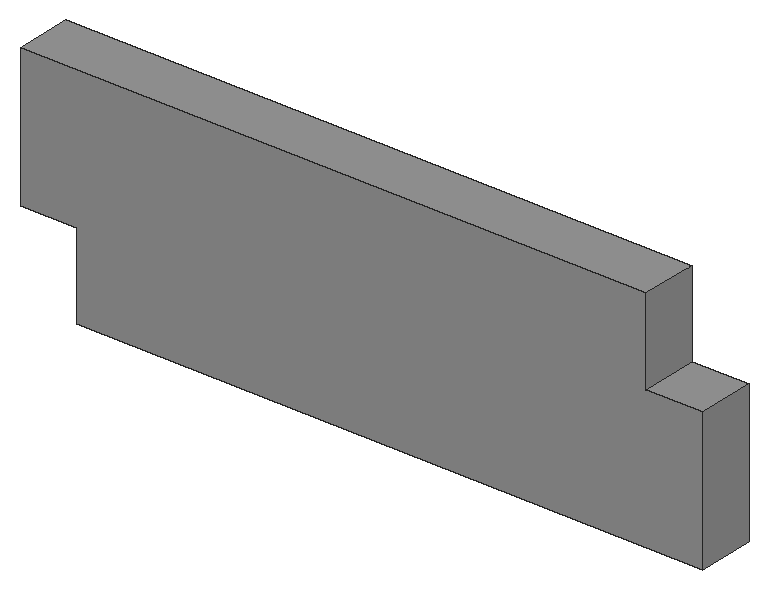
Revit family "1. Sálvora_StraightP_EN", category Modelos genéricos, Revit 2017
Family settings
  Anfitrión = Muro
  Puede alojar armadura = No
  Cota de conector redondo = Diámetro de uso
  Tipo de pieza = Normal
  Siempre vertical = Sí
  Corte con vacíos al cargar = No
  Compartido = No
  Punto de cálculo de habitación = No
Parameters (values of type "Stonepanel® Sálvora")
  Stonepanel advantages = "More Efficient: Simple and quick installation: 10 times faster than traditional masonry (placing rate average 20m2/day). More profitable: virtually non-existent product waste. Natural Stone products are more durable than other cladding materials. Stonepanel™ installation requires no skilled labour or machinery.\r\nSafer: The incorporated mechanical anchor of Stonepanel™, made of stainless steel, enables the installation of natural stone panel on surfaces higher than two meters. Strong and uniform cement base ensures adherence and allows piece cutting without risk of detachment.\r\nHigh Quality: Manufacturing processes are continually monitored by the R&D Department of CUPAGROUP. A great selection of natural stone is done by the experts of CUPASTONE. Special pieces are available, such as corners (solid, straight end, double end or for windows), coverings and other complementary solutions.\r\nMore Aesthetic: ‘S’-shaped panels to avoid visible joints, in order to enhance the external look of any projet. A wide range of natural stone panels with different colours and finishes is available. Beauty and exclusiveness of the natural stone: each piece is unique."
  Uses Indicated = "Decorative cladding system suitable for indoor and outdoor use on new or existing buildings when attached to solid walls of masonry or concrete.\r\nStonepanel Sky can be installed at any height. Stonepanel can be installed at heights up to 2 metres."
  URL = "http://www.cupastone.com/cupa/productos/panel-de-piedra/?n=stonepanel-orient-oro"
  Fire resistance = "Non-combustible"
  Durability = "The system has a design life in excess of 30 years."
  Delivery form = "Panels are packed in plastic in pairs or in cardboard boxes of three or four pieces"
  Construction details = "Details of:\r\n- Installation with a metal profile\r\n- Installation of Stonepanel\r\n- Installation on interior wall\r\n- Installation of the safety element (perforated band, screws and wall plugs)\r\n- Incoming corner\r\n- Protruding corner\r\n- Prefabricated protruding corner\r\n- Protruding corner with sawn panels\r\n- Protruding corner without Stonepanel continuity (lateral façade)\r\n- Upper edges\r\n- Avobe parapet\r\n- Frame of vain"
  Resistance = "High resistance"
  Weight = "9,5 kg"
  Oxidation = "No oxidation"
  Other relevant info = "All panels installed above 2 m from the ground must be fixed with both mortar adhesive and mechanical fixings"
  Modelo = "Stonepanel® Sálvora"
  Material = "Brown reddish combined with darker and lighter tones, an original combination for contemporary homes."
  Cleaning = "Generally the panels do not require maintenance and are self-cleaning but removal of some types of mark may require specialist treatment\r\nFor abnormal soiling, the surface may be cleaned using a hot water/household detergent mixture, applied\r\nwith a suitable cleaning pad or sponge."
  Large = 600 mm
  Imagen de tipo = <Ninguno>
  Format = "600 x 200"
  Form = "“S”-shaped"
  Fabricante = "Cupastone"
  Anchor system = "Perforated steel banding:\r\n- Stainless steel grade AISI 316 (1.4401) or AISI 304 (1.4301) with a minimum thickness of 0.7 mm and width of 12 mm to 15 mm, with holes 6±1 mm in diameter.\r\n- Stainless steel grade AISI 304 (1.4301) with a minimum thickness of 0.8 mm and width of 10±1 mm, with holes 5±1 mm in diameter.\r\n- The steel banding has five holes on each of the two wings, which are aligned in order to fix a screw through both holes into the wall.\r\n\r\nStainless steel screws and wall plugs:\r\nThe pull-out value of the fixings for securing Stonepanel Sky panels to the wall should be determined on site using the characteristic pull-out resistance divided by a minimum safety factor of 3."
  Tests performed by Avis Technique = "Avis Technique\r\nMechanical strenth of the anchor\r\nResistance of the mechanical fixing\r\nTesting of durability after water\r\nDurability after freeze\r\nSeismic test\r\nFire test"
  Height offset = 0 mm
  Descripción = "Panel made of natural stones bonded to a cement base reinforced with glassfibre mesh\r\n Each panel incorporates an embedded mechanical anchor used for additional fixing system, for heights above 2 metres from the ground"
  Apparent Density = "86,5 kg/m2"
  Secondary colour = "Grey"
  Principal colour = "Brown"
  Certifications = "Avis Technique - France - In process"
  Aspect = "Rustic"
  Width = 50 mm
  Height = 200 mm
  Finish = "Natural"
  Absorption = "Low absorption"
Reference planes
  plane 1 "Muro": y = 0
  plane 2 "Centro (Izquierda/Derecha)": x = 125
  plane 3 "Posterior": y = 75
Forms (mm)
  Extrusion 1, solid, material "Stonepanel® SKY Orient Gold"
    sketch origin (0, 160, 1120) x (1, 0, 0) y (0, 0, 1)
      loop
        line (125, -1120) -> (125, -996) -> (75, -996) -> (75, -920) -> (-475, -920) -> (-475, -1044) -> (-425, -1044) -> (-425, -1120) -> (125, -1120)
    from 35 to 85
Text (mm)
  text "Cara de colocación" at (-1848.837, 1116.779, 0), in view "Nivel de referencia"
  text "Cara de colocación" at (0, 1409.804, 2854.306), in view "Izquierda"
  text "Cara de colocación" at (0, 499.811, 2980.732), in view "Derecha"
Dimensions and locks
  locked: plane 3 "Posterior" to host wall
  locked: Extrusion 1 to plane 3 "Posterior" at 0
  "Width": Extrusion 1 to Extrusion 1
  "Large": Extrusion 1 to Extrusion 1
  locked: Extrusion 1 to Extrusion 1 at 76  (x2)
  "Height offset": level to Extrusion 1
  locked: Extrusion 1 to Extrusion 1 at 50  (x2)
  "Height": Extrusion 1 to Extrusion 1
  aligned and locked: plane 1 "Muro" to host wall
Automatic sketch dimensions
  level to Extrusion 1 sketch curve = 0 mm
  Extrusion 1 sketch curve to plane 2 "Centro (Izquierda/Derecha)" = 0 mm
  Extrusion 1 sketch curve to plane 2 "Centro (Izquierda/Derecha)" = 50 mm
  Extrusion 1 sketch curve to Extrusion 1 sketch curve = 500 mm
  Extrusion 1 sketch curve to Extrusion 1 sketch curve = 50 mm
  level to Extrusion 1 sketch curve = 124 mm
  level to Extrusion 1 sketch curve = 76 mm
  Extrusion 1 sketch curve to Extrusion 1 sketch curve = 76 mm
